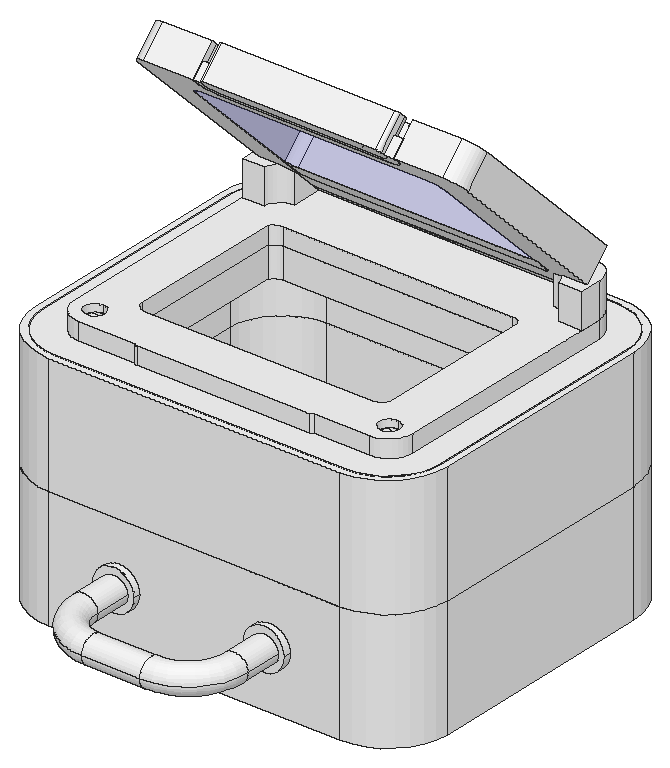
Revit family "Domotics-SerieCivili-GEWISS-27COMBI_SYSTEM-IP55_PALO", category Apparecchi elettrici, host Superficie, Revit 2016
Family settings
  Host = Superficie
  Mantenere orientamento annotazione = No
  Tipo di parte = Normale
  Quota connettore circolare = Usa diametro
  Numero OmniClass = 23.80.30.14.24
  Titolo OmniClass = Junction Boxes
  Taglio con vuoti quando caricato = Sì
  Condiviso = No
  Punto di calcolo locali = No
Parameters (values of type "GW27057 - 3 posti - Abbraccio palo")
  Viti coperchio = "Acciaio inox"
  Versione file RFA = "19.4"
  URL = "https://www.gewiss.com/it/it"
  Tipo sfondabili = "Asportabili con utensile"
  Tipo portella = "Con membrana"
  Termopressione con biglia = "70 °C"
  Temperatura di installazione = "-25 +60 °C"
  Scheda Tecnica = "https://www.gewiss.com/it/it/search?q=GW27057"
  SPORTELLO APERTO [instance] = yes
  SEO = "Contenitore"
  Resistenza agli urti = "IK07"
  Produttore = "GEWISS S.p.A."
  Per pali Ã˜ = "54-76MM"
  Offset = 0 mm
  Norma di riferimento: = "EN 60670-1"
  N. moduli SYSTEM = "3 posti"
  N. fori Ã˜ 20 sfondabili = "1"
  N. fori aperti = "1"
  Modello = "GW27057"
  IFC.TypeObject = ""
  IFC.ExportType = ""
  IFC.ExportAs = ""
  Default Elevation = 1219.2 mm
  Immagine tipo = GW27057.jpg
  IDT = "412df75b-c3fd-4420-9821-ba4985a7eb74"
  IDF = "541de9d5-e177-4b58-bf66-354c15e4b56f"
  Grado di protezione = "IP55"
  Glow Wire Test = "650°C"
  Fissaggio = "Abbraccio palo"
  Dim. esterne BxHxP (mm) = "122x164x85"
  Descrizione: = "3 posti"
  Descrizione = "CONT.3 POSTI STAGNO FISS.ABBRACCIO PALO"
  Creato da GEWISS S.p.A. = ""
  Coppia serraggio viti = "0,8NM"
  Colore portella = "Trasparente"
  Colore = "Grigio RAL 7035"
  Codice Electrocod = "0212"
  Codice EAN = "8011564055438"
  Classe isolamento = "II"
  Catalogo Serie = "27COMBI"
  Catalogo = "DOMOTICS"
  COBie.Tagnumber = ""
  COBie.CreatedOn = ""
  COBie.CreatebBy = ""
  COBie.ComponentRegisterItemID = ""
  COBie.Component.TagNumber = ""
  COBie.Component.Space = ""
  COBie.Component.SerialNumber = ""
  COBie.Component.InstallationDate = ""
  COBie.Component.Description = ""
  COBie.Component.BarCode = ""
Reference planes
  plane 1 "Centro (Fronte/Retro)": y = 0
  plane 2: z = 0
  plane 3 "Centro (Sinistra/Destra)": x = 0
  plane 4: z = 0
  plane 5: x = -60
  plane 6: x = 60
  plane 7: y = -51.5
  plane 8: y = 51.5
  plane 9: z = 66
Lines and regions (mm)
  Masking region 1
    outline origin (0, 0, 0) x (1, 0, 0) y (0, 0, 1)
      loop
        line (-60, 0) -> (60, 0) -> (60, 66) -> (-60, 66) -> (-60, 0)
  Masking region 2
    outline origin (0, 0, 0) x (0, 1, 0) y (0, 0, 1)
      loop
        line (-51.5, 0) -> (51.5, 0) -> (51.5, 66) -> (-51.5, 66) -> (-51.5, 0)
  Masking region 3
    outline origin (0, 0, 0) x (1, 0, 0) y (0, 1, 0)
      loop
        line (16.52, 52.5) -> (26.038, 52.5) -> (26.038, 64.422)
        arc (26.038, 64.422) -> (20.912, 76.796) -> (8.538, 81.922) r 17.5
        line (8.538, 81.922) -> (-8.462, 81.922)
        arc (-8.462, 81.922) -> (-20.837, 76.796) -> (-25.962, 64.422) r 17.5
        line (-25.962, 64.422) -> (-25.962, 52.5) -> (-16.444, 52.5) -> (-16.444, 65.422)
        arc (-16.444, 65.422) -> (-16.152, 66.129) -> (-15.444, 66.422) r 1
        line (-15.444, 66.422) -> (15.52, 66.422)
        arc (15.52, 66.422) -> (16.227, 66.129) -> (16.52, 65.422) r 1
        line (16.52, 65.422) -> (16.52, 52.5)
      loop
        line (16.52, -52.5) -> (16.52, -65.422)
        arc (16.52, -65.422) -> (16.227, -66.129) -> (15.52, -66.422) r 1
        line (15.52, -66.422) -> (-15.444, -66.422)
        arc (-15.444, -66.422) -> (-16.152, -66.129) -> (-16.444, -65.422) r 1
        line (-16.444, -65.422) -> (-16.444, -52.5) -> (-25.962, -52.5) -> (-25.962, -64.422)
        arc (-25.962, -64.422) -> (-20.837, -76.796) -> (-8.462, -81.922) r 17.5
        line (-8.462, -81.922) -> (8.538, -81.922)
        arc (8.538, -81.922) -> (20.912, -76.796) -> (26.038, -64.422) r 17.5
        line (26.038, -64.422) -> (26.038, -52.5) -> (16.52, -52.5)
      loop
        arc (60, 34) -> (54.874, 46.374) -> (42.5, 51.5) r 17.5
        line (42.5, 51.5) -> (-42.5, 51.5)
        arc (-42.5, 51.5) -> (-54.874, 46.374) -> (-60, 34) r 17.5
        line (-60, 34) -> (-60, -34)
        arc (-60, -34) -> (-54.874, -46.374) -> (-42.5, -51.5) r 17.5
        line (-42.5, -51.5) -> (42.5, -51.5)
        arc (42.5, -51.5) -> (54.874, -46.374) -> (60, -34) r 17.5
        line (60, -34) -> (60, 34)
      loop
        arc (56.306, 34.157) -> (52.271, 43.898) -> (42.529, 47.933) r 13.777
        line (42.529, 47.933) -> (-42.496, 47.933)
        arc (-42.496, 47.933) -> (-51.949, 44.221) -> (-56.35, 35.067) r 13.891
        line (-56.35, 35.067) -> (-56.35, -34)
        arc (-56.35, -34) -> (-52.293, -43.793) -> (-42.5, -47.85) r 13.85
        line (-42.5, -47.85) -> (42.5, -47.85)
        arc (42.5, -47.85) -> (52.675, -43.395) -> (56.306, -32.898) r 13.85
        line (56.306, -32.898) -> (56.306, 34.157)
      loop
        line (26.425, -40.831) -> (42.763, -40.831)
        arc (42.763, -40.831) -> (47.713, -38.781) -> (49.763, -33.831) r 7
        line (49.763, -33.831) -> (49.763, 34.169)
        arc (49.763, 34.169) -> (47.713, 39.118) -> (42.763, 41.169) r 7
        line (42.763, 41.169) -> (-42.237, 41.169)
        arc (-42.237, 41.169) -> (-47.186, 39.118) -> (-49.237, 34.169) r 7
        line (-49.237, 34.169) -> (-49.237, -33.831)
        arc (-49.237, -33.831) -> (-47.186, -38.781) -> (-42.237, -40.831) r 7
        line (-42.237, -40.831) -> (-25.898, -40.831)
        arc (-25.898, -40.831) -> (-25.533, -41.192) -> (-25.037, -41.324) r 1
        line (-25.037, -41.324) -> (25.563, -41.324)
        arc (25.563, -41.324) -> (26.06, -41.192) -> (26.425, -40.831) r 1
      loop
        circle (-17.337, -38.622) r 1
      loop
        circle (-8.537, -38.622) r 1
      loop
        circle (0.263, -38.622) r 1
      loop
        circle (9.063, -38.622) r 1
      loop
        circle (17.863, -38.622) r 1
      loop
        circle (43.263, -34.331) r 3
      loop
        circle (-42.737, -34.331) r 3
      loop
        circle (-42.737, 34.669) r 3
      loop
        circle (43.263, 34.669) r 3
      loop
        arc (-33.5, 30.169) -> (-35.621, 29.29) -> (-36.5, 27.169) r 3
        line (-36.5, 27.169) -> (-36.5, -24.831)
        arc (-36.5, -24.831) -> (-35.621, -26.953) -> (-33.5, -27.831) r 3
        line (-33.5, -27.831) -> (33.5, -27.831)
        arc (33.5, -27.831) -> (35.621, -26.953) -> (36.5, -24.831) r 3
        line (36.5, -24.831) -> (36.5, 27.169)
        arc (36.5, 27.169) -> (35.621, 29.29) -> (33.5, 30.169) r 3
        line (33.5, 30.169) -> (-33.5, 30.169)
      loop
        line (34.65, 19.669) -> (-34.65, 19.669) -> (-34.65, -25.331) -> (34.65, -25.331) -> (34.65, 19.669)
  Masking region 4
    outline origin (0, 0, 0) x (1, 0, 0) y (0, 1, 0)
      loop
        line (42.529, 47.933) -> (-42.496, 47.933)
        arc (-42.496, 47.933) -> (-51.949, 44.221) -> (-56.35, 35.067) r 13.891
        line (-56.35, 35.067) -> (-56.35, -34)
        arc (-56.35, -34) -> (-52.293, -43.793) -> (-42.5, -47.85) r 13.85
        line (-42.5, -47.85) -> (42.5, -47.85)
        arc (42.5, -47.85) -> (52.675, -43.395) -> (56.306, -32.898) r 13.85
        line (56.306, -32.898) -> (56.306, 34.157)
        arc (56.306, 34.157) -> (52.271, 43.898) -> (42.529, 47.933) r 13.777
      loop
        line (42.763, 41.169) -> (-42.237, 41.169)
        arc (-42.237, 41.169) -> (-47.186, 39.118) -> (-49.237, 34.169) r 7
        line (-49.237, 34.169) -> (-49.237, -33.831)
        arc (-49.237, -33.831) -> (-47.186, -38.781) -> (-42.237, -40.831) r 7
        line (-42.237, -40.831) -> (-25.898, -40.831)
        arc (-25.898, -40.831) -> (-25.533, -41.192) -> (-25.037, -41.324) r 1
        line (-25.037, -41.324) -> (25.563, -41.324)
        arc (25.563, -41.324) -> (26.06, -41.192) -> (26.425, -40.831) r 1
        line (26.425, -40.831) -> (42.763, -40.831)
        arc (42.763, -40.831) -> (47.713, -38.781) -> (49.763, -33.831) r 7
        line (49.763, -33.831) -> (49.763, 34.169)
        arc (49.763, 34.169) -> (47.713, 39.118) -> (42.763, 41.169) r 7
  Masking region 5
    outline origin (0, 0, 0) x (1, 0, 0) y (0, 1, 0)
      loop
        line (-16, -51.5) -> (-28, -51.5) -> (-28, -52.5) -> (-16, -52.5) -> (-16, -51.5)
      loop
        line (16, -51.5) -> (16, -52.5) -> (28, -52.5) -> (28, -51.5) -> (16, -51.5)
      loop
        line (-16, 51.5) -> (-16, 52.5) -> (-28, 52.5) -> (-28, 51.5) -> (-16, 51.5)
      loop
        line (16, 51.5) -> (28, 51.5) -> (28, 52.5) -> (16, 52.5) -> (16, 51.5)
      loop
        line (-37.737, 41.169) -> (-42.237, 41.169)
        arc (-42.237, 41.169) -> (-47.186, 39.118) -> (-49.237, 34.169) r 7
        line (-49.237, 34.169) -> (-49.237, 27.637)
        arc (-49.237, 27.637) -> (-46.111, 27.71) -> (-42.986, 27.836) r 185.778
        arc (-42.986, 27.836) -> (-41.206, 31.123) -> (-37.737, 32.513) r 5.5
        line (-37.737, 32.513) -> (-37.737, 41.169)
      loop
        line (49.763, 27.16) -> (49.763, 34.169)
        arc (49.763, 34.169) -> (47.713, 39.118) -> (42.763, 41.169) r 7
        line (42.763, 41.169) -> (38.063, 41.169) -> (38.063, 32.217)
        arc (38.063, 32.217) -> (41.631, 30.811) -> (43.264, 27.342) r 5.2
        arc (43.264, 27.342) -> (46.513, 27.221) -> (49.763, 27.16) r 177.869
      loop
        circle (-42.737, 34.669) r 3
      loop
        circle (43.263, 34.669) r 3
      loop
        arc (-33.5, 30.169) -> (-35.621, 29.29) -> (-36.5, 27.169) r 3
        line (-36.5, 27.169) -> (-36.5, 20.971)
        arc (-36.5, 20.971) -> (-35.223, 22.215) -> (-33.5, 22.669) r 3.5
        line (-33.5, 22.669) -> (33.5, 22.669)
        arc (33.5, 22.669) -> (35.223, 22.215) -> (36.5, 20.971) r 3.5
        line (36.5, 20.971) -> (36.5, 27.169)
        arc (36.5, 27.169) -> (35.621, 29.29) -> (33.5, 30.169) r 3
        line (33.5, 30.169) -> (-33.5, 30.169)
  Masking region 6
    outline origin (0, 0, 0) x (1, 0, 0) y (0, 1, 0)
      loop
        arc (-23.037, -35.165) -> (-25.158, -36.044) -> (-26.037, -38.165) r 3
        line (-26.037, -38.165) -> (-26.037, -40.324)
        arc (-26.037, -40.324) -> (-25.744, -41.031) -> (-25.037, -41.324) r 1
        line (-25.037, -41.324) -> (25.563, -41.324)
        arc (25.563, -41.324) -> (26.271, -41.031) -> (26.563, -40.324) r 1
        line (26.563, -40.324) -> (26.563, -38.165)
        arc (26.563, -38.165) -> (25.685, -36.044) -> (23.563, -35.165) r 3
        line (23.563, -35.165) -> (-23.037, -35.165)
      loop
        circle (-17.337, -38.622) r 1
      loop
        circle (-8.537, -38.622) r 1
      loop
        circle (0.263, -38.622) r 1
      loop
        circle (9.063, -38.622) r 1
      loop
        circle (17.863, -38.622) r 1
      loop
        arc (-47.7, 27.667) -> (-48.468, 27.65) -> (-49.237, 27.637) r 185.778
        line (-49.237, 27.637) -> (-49.237, -33.831)
        arc (-49.237, -33.831) -> (-47.186, -38.781) -> (-42.237, -40.831) r 7
        line (-42.237, -40.831) -> (-29.037, -40.831) -> (-29.037, -39.2) -> (-38.5, -39.2)
        arc (-38.5, -39.2) -> (-39.207, -38.907) -> (-39.5, -38.2) r 1
        line (-39.5, -38.2) -> (-39.5, -34.5)
        arc (-39.5, -34.5) -> (-40.525, -32.025) -> (-43, -31) r 3.5
        line (-43, -31) -> (-46.7, -31)
        arc (-46.7, -31) -> (-47.407, -30.707) -> (-47.7, -30) r 1
        line (-47.7, -30) -> (-47.7, 27.667)
      loop
        line (29.563, -40.831) -> (42.763, -40.831)
        arc (42.763, -40.831) -> (47.713, -38.781) -> (49.763, -33.831) r 7
        line (49.763, -33.831) -> (49.763, 27.16)
        arc (49.763, 27.16) -> (48.732, 27.173) -> (47.7, 27.192) r 177.869
        line (47.7, 27.192) -> (47.7, -30)
        arc (47.7, -30) -> (47.407, -30.707) -> (46.7, -31) r 1
        line (46.7, -31) -> (43, -31)
        arc (43, -31) -> (40.525, -32.025) -> (39.5, -34.5) r 3.5
        line (39.5, -34.5) -> (39.5, -38.2)
        arc (39.5, -38.2) -> (39.207, -38.907) -> (38.5, -39.2) r 1
        line (38.5, -39.2) -> (29.563, -39.2) -> (29.563, -40.831)
      loop
        circle (-42.737, -34.331) r 3
      loop
        circle (43.263, -34.331) r 3
      loop
        line (38.063, 38.269) -> (38.063, 41.169) -> (-37.737, 41.169) -> (-37.737, 38.268)
        arc (-37.737, 38.268) -> (0.163, 39.169) -> (38.063, 38.269) r 798.156
Dimensions and locks
  "Offset": plane 4 to host face
  locked: plane 9 to plane 4 at 66
  aligned and locked: plane 2 to host face
  aligned and locked: level to host face
  aligned and locked: plane 3 "Centro (Sinistra/Destra)" to nested 1
  aligned and locked: plane 1 "Centro (Fronte/Retro)" to nested 1
  aligned and locked: nested 1 to plane 4
  aligned and locked: Masking region 1 sketch curve to level
  aligned and locked: Masking region 1 sketch curve to nested 1
  aligned and locked: plane 6 to Masking region 1 sketch curve
  aligned and locked: plane 9 to Masking region 1 sketch curve
  aligned and locked: Masking region 2 sketch curve to level
  aligned and locked: Masking region 2 sketch curve to nested 1
  aligned and locked: plane 9 to Masking region 2 sketch curve
  aligned and locked: plane 8 to Masking region 2 sketch curve
Automatic sketch dimensions
  host sketch curve to host sketch curve = 2438.4 mm  (x2)
  Masking region 3 sketch curve to plane 7 = 1 mm  (x2)
  plane 8 to Masking region 3 sketch curve = 1 mm  (x2)
  Masking region 3 sketch curve to plane 3 "Centro (Sinistra/Destra)" = 25.962 mm
  Masking region 3 sketch curve to Masking region 3 sketch curve = 9.518 mm  (x4)
  Masking region 3 sketch curve to Masking region 3 sketch curve = 1 mm  (x8)
  Masking region 3 sketch curve to Masking region 3 sketch curve = 6.982 mm  (x4)
  plane 3 "Centro (Sinistra/Destra)" to Masking region 3 sketch curve = 8.538 mm  (x2)
  Masking region 3 sketch curve to plane 7 = 12.922 mm
  plane 8 to Masking region 3 sketch curve = 12.922 mm
  Masking region 3 sketch curve to plane 5 = 0 mm
  Masking region 3 sketch curve to plane 8 = 0 mm
  Masking region 3 sketch curve to plane 7 = 0 mm
  Masking region 3 sketch curve to plane 6 = 0 mm
  Masking region 3 sketch curve to Masking region 3 sketch curve = 16.538 mm
  Masking region 3 sketch curve to Masking region 3 sketch curve = 16.462 mm  (x2)
  Masking region 3 sketch curve to Masking region 3 sketch curve = 0 mm  (x6)
  Masking region 3 sketch curve to Masking region 3 sketch curve = 3.65 mm
  Masking region 3 sketch curve to Masking region 3 sketch curve = 0.004 mm
  Masking region 3 sketch curve to Masking region 3 sketch curve = 0.029 mm
  Masking region 3 sketch curve to plane 6 = 3.694 mm
  Masking region 3 sketch curve to Masking region 3 sketch curve = 0.042 mm
  Masking region 3 sketch curve to Masking region 3 sketch curve = 0.157 mm
  Masking region 3 sketch curve to Masking region 3 sketch curve = 6.737 mm  (x2)
  Masking region 3 sketch curve to Masking region 3 sketch curve = 0.263 mm  (x2)
  Masking region 3 sketch curve to Masking region 3 sketch curve = 0.259 mm
  Masking region 3 sketch curve to Masking region 3 sketch curve = 0.235 mm
  Masking region 3 sketch curve to Masking region 3 sketch curve = 6.542 mm
  Masking region 3 sketch curve to Masking region 3 sketch curve = 6.831 mm  (x3)
  Masking region 3 sketch curve to Masking region 3 sketch curve = 0.012 mm
  Masking region 3 sketch curve to Masking region 3 sketch curve = 0.064 mm
  Masking region 3 sketch curve to Masking region 3 sketch curve = 0.387 mm
  Masking region 3 sketch curve to Masking region 3 sketch curve = 0.862 mm  (x2)
  Masking region 3 sketch curve to Masking region 3 sketch curve = 0.241 mm
  Masking region 3 sketch curve to Masking region 3 sketch curve = 0.237 mm
  Masking region 3 sketch curve to Masking region 3 sketch curve = 5.737 mm
  Masking region 3 sketch curve to Masking region 3 sketch curve = 3 mm  (x3)
  Masking region 3 sketch curve to Masking region 3 sketch curve = 7.7 mm  (x2)
  Masking region 3 sketch curve to plane 3 "Centro (Sinistra/Destra)" = 8.537 mm
  plane 3 "Centro (Sinistra/Destra)" to Masking region 3 sketch curve = 0.263 mm
  Masking region 3 sketch curve to Masking region 3 sketch curve = 8.8 mm
  Masking region 3 sketch curve to Masking region 3 sketch curve = 9 mm  (x2)
  Masking region 3 sketch curve to Masking region 3 sketch curve = 0.5 mm  (x5)
  plane 7 to Masking region 3 sketch curve = 12.878 mm
  Masking region 3 sketch curve to Masking region 3 sketch curve = 1.701 mm  (x2)
  Masking region 3 sketch curve to Masking region 3 sketch curve = 0.331 mm
  Masking region 3 sketch curve to Masking region 3 sketch curve = 6.169 mm
  Masking region 3 sketch curve to Masking region 3 sketch curve = 0.627 mm
  Masking region 3 sketch curve to Masking region 3 sketch curve = 1.15 mm  (x2)
  Masking region 3 sketch curve to Masking region 3 sketch curve = 7.5 mm
  plane 5 to Masking region 4 sketch curve = 3.65 mm
  Masking region 4 sketch curve to Masking region 4 sketch curve = 13.85 mm  (x2)
  Masking region 4 sketch curve to Masking region 4 sketch curve = 13.854 mm
  plane 7 to Masking region 4 sketch curve = 3.65 mm
  Masking region 4 sketch curve to plane 6 = 17.5 mm
  Masking region 4 sketch curve to plane 8 = 3.567 mm
  Masking region 4 sketch curve to plane 6 = 17.471 mm
  Masking region 4 sketch curve to plane 6 = 3.694 mm
  Masking region 4 sketch curve to Masking region 4 sketch curve = 13.891 mm
  Masking region 4 sketch curve to Masking region 4 sketch curve = 6.737 mm
  Masking region 4 sketch curve to Masking region 4 sketch curve = 0.263 mm  (x2)
  Masking region 4 sketch curve to Masking region 4 sketch curve = 0.259 mm
  plane 7 to Masking region 4 sketch curve = 10.669 mm
  Masking region 4 sketch curve to Masking region 4 sketch curve = 16.338 mm
  Masking region 4 sketch curve to Masking region 4 sketch curve = 0.862 mm  (x2)
  Masking region 4 sketch curve to Masking region 4 sketch curve = 16.937 mm
  Masking region 4 sketch curve to Masking region 4 sketch curve = 0.235 mm
  Masking region 4 sketch curve to Masking region 4 sketch curve = 6.542 mm
  plane 7 to Masking region 4 sketch curve = 10.176 mm
  Masking region 4 sketch curve to Masking region 4 sketch curve = 6.831 mm
  Masking region 4 sketch curve to Masking region 4 sketch curve = 0.127 mm
  Masking region 5 sketch curve to plane 8 = 0 mm  (x2)
  Masking region 5 sketch curve to plane 7 = 0 mm  (x2)
  plane 8 to Masking region 5 sketch curve = 1 mm  (x2)
  Masking region 5 sketch curve to plane 3 "Centro (Sinistra/Destra)" = 28 mm  (x2)
  Masking region 5 sketch curve to plane 7 = 1 mm  (x2)
  Masking region 5 sketch curve to Masking region 5 sketch curve = 12 mm  (x4)
  plane 3 "Centro (Sinistra/Destra)" to Masking region 5 sketch curve = 16 mm  (x2)
  plane 5 to Masking region 5 sketch curve = 22.452 mm
  Masking region 5 sketch curve to Masking region 5 sketch curve = 0.189 mm
  plane 5 to Masking region 5 sketch curve = 7.985 mm
  Masking region 5 sketch curve to Masking region 5 sketch curve = 5.497 mm
  Masking region 5 sketch curve to Masking region 5 sketch curve = 5.439 mm
  Masking region 5 sketch curve to Masking region 5 sketch curve = 6.25 mm
  Masking region 5 sketch curve to Masking region 5 sketch curve = 8.655 mm
  Masking region 5 sketch curve to Masking region 5 sketch curve = 4.5 mm
  Masking region 5 sketch curve to Masking region 5 sketch curve = 7 mm
  Masking region 5 sketch curve to plane 6 = 17.237 mm
  Masking region 5 sketch curve to plane 8 = 17.331 mm
  Masking region 5 sketch curve to Masking region 5 sketch curve = 6.531 mm
  Masking region 5 sketch curve to Masking region 5 sketch curve = 4.7 mm
  Masking region 5 sketch curve to Masking region 5 sketch curve = 0.011 mm
  Masking region 5 sketch curve to plane 6 = 8.494 mm
  Masking region 5 sketch curve to Masking region 5 sketch curve = 7.152 mm
  Masking region 5 sketch curve to Masking region 5 sketch curve = 1.952 mm
  Masking region 5 sketch curve to Masking region 5 sketch curve = 8.374 mm
  Masking region 5 sketch curve to Masking region 5 sketch curve = 5.19 mm
  Masking region 5 sketch curve to Masking region 5 sketch curve = 0.182 mm
  Masking region 5 sketch curve to Masking region 5 sketch curve = 0.5 mm  (x4)
  Masking region 5 sketch curve to Masking region 5 sketch curve = 3 mm  (x4)
  Masking region 5 sketch curve to Masking region 5 sketch curve = 1.048 mm
  Masking region 5 sketch curve to Masking region 5 sketch curve = 4.575 mm
  Masking region 5 sketch curve to Masking region 5 sketch curve = 0.152 mm
  Masking region 5 sketch curve to Masking region 5 sketch curve = 8 mm  (x2)
  Masking region 5 sketch curve to Masking region 5 sketch curve = 3.5 mm
  Masking region 5 sketch curve to Masking region 5 sketch curve = 0 mm
  Masking region 6 sketch curve to Masking region 6 sketch curve = 1 mm  (x7)
  Masking region 6 sketch curve to Masking region 6 sketch curve = 3 mm  (x3)
  plane 3 "Centro (Sinistra/Destra)" to Masking region 6 sketch curve = 23.563 mm
  Masking region 6 sketch curve to Masking region 6 sketch curve = 2 mm
  plane 7 to Masking region 6 sketch curve = 10.176 mm
  Masking region 6 sketch curve to Masking region 6 sketch curve = 2.158 mm
  Masking region 6 sketch curve to Masking region 6 sketch curve = 5.7 mm  (x2)
  Masking region 6 sketch curve to Masking region 6 sketch curve = 0.457 mm  (x2)
  Masking region 6 sketch curve to Masking region 6 sketch curve = 12.463 mm
  Masking region 6 sketch curve to Masking region 6 sketch curve = 3.5 mm
  Masking region 6 sketch curve to Masking region 6 sketch curve = 3.7 mm  (x3)
  Masking region 6 sketch curve to Masking region 6 sketch curve = 7.8 mm
  plane 3 "Centro (Sinistra/Destra)" to Masking region 6 sketch curve = 0.263 mm
  Masking region 6 sketch curve to Masking region 6 sketch curve = 8.8 mm
  plane 7 to Masking region 6 sketch curve = 12.3 mm
  Masking region 6 sketch curve to Masking region 6 sketch curve = 0 mm  (x3)
  Masking region 6 sketch curve to plane 8 = 23.833 mm
  Masking region 6 sketch curve to Masking region 6 sketch curve = 1.537 mm
  Masking region 6 sketch curve to Masking region 6 sketch curve = 2.737 mm  (x2)
  Masking region 6 sketch curve to Masking region 6 sketch curve = 16.2 mm
  Masking region 6 sketch curve to Masking region 6 sketch curve = 7 mm
  plane 7 to Masking region 6 sketch curve = 10.669 mm
  Masking region 6 sketch curve to Masking region 6 sketch curve = 2.631 mm
  Masking region 6 sketch curve to Masking region 6 sketch curve = 0.263 mm  (x2)
  Masking region 6 sketch curve to Masking region 6 sketch curve = 0.169 mm  (x2)
  Masking region 6 sketch curve to Masking region 6 sketch curve = 4.263 mm
  Masking region 6 sketch curve to Masking region 6 sketch curve = 0.237 mm
  Masking region 6 sketch curve to Masking region 6 sketch curve = 1.631 mm
  Masking region 6 sketch curve to Masking region 6 sketch curve = 0.669 mm
  Masking region 6 sketch curve to Masking region 6 sketch curve = 0.032 mm
  plane 5 to Masking region 6 sketch curve = 7.985 mm
  Masking region 6 sketch curve to plane 6 = 8.494 mm
  Masking region 6 sketch curve to Masking region 6 sketch curve = 8.374 mm
  Masking region 6 sketch curve to Masking region 6 sketch curve = 0.029 mm
  Masking region 6 sketch curve to plane 8 = 24.34 mm
  plane 3 "Centro (Sinistra/Destra)" to Masking region 6 sketch curve = 0.17 mm
  Masking region 6 sketch curve to Masking region 6 sketch curve = 9.637 mm
  Masking region 6 sketch curve to Masking region 6 sketch curve = 10.601 mm
  Masking region 6 sketch curve to Masking region 6 sketch curve = 2.901 mm
  Masking region 6 sketch curve to Masking region 6 sketch curve = 2.9 mm
  Masking region 6 sketch curve to plane 7 = 707.488 mm
  radius of Masking region 3 sketch curve = 1 mm  (x5)
  radius of Masking region 3 sketch curve = 3 mm  (x4)
  radius of Masking region 5 sketch curve = 3 mm
  radius of Masking region 6 sketch curve = 1 mm  (x4)
  radius of Masking region 6 sketch curve = 3 mm
Nested families
  nested 1: "SYSTEM CONTENITORI IP55 3P PALO_BASE" at (0, 0, 0), Sportello aperto <- "SPORTELLO APERTO", type "SYSTEM CONTENITORI IP55 3P PALO_BASE"
    with Sportello chiuso no, Sportello aperto yes
Definition of nested family "SYSTEM CONTENITORI IP55 3P PALO_BASE"
  Parameters (values of type "SYSTEM CONTENITORI IP55 3P PALO_BASE")
    VETRO = none
    Sportello chiuso [instance] = not(Sportello aperto)  # no
    Sportello aperto [instance] = yes
    SCATOLA = none
    Profondità scatola = 85 mm
    Larghezza scatola = 120 mm
    Altezza scatola = 103 mm
    ACCIAIO = none
  Reference planes
    plane 1 "Centro (Fronte/Retro)": y = 0
    plane 2: z = 0
    plane 3 "Centro (Sinistra/Destra)": x = 0
    plane 4: x = -60
    plane 5: x = 60
    plane 6: y = 51.5
    plane 7: y = -51.5
    plane 8: z = 35
    plane 9: z = 75
    plane 10 "1": y = 34.669
    plane 11 "PIANO BIDIMENSIONALE": z = 70
    plane 12: z = 73
    plane 13: x = 28
    plane 14: x = 16
    plane 15 "2": z = 17.5
    plane 16: x = 22
  Forms (mm)
    Extrusion 1, solid, material <- "SCATOLA", detail levels medium+fine
      sketch origin (0, 0, 85) x (0, -1, 0) y (1, 0, 0)
        loop
          line (-51.5, 42.5) -> (-51.5, -42.5)
          arc (-51.5, -42.5) -> (-46.374, -54.874) -> (-34, -60) r 17.5
          line (-34, -60) -> (34, -60)
          arc (34, -60) -> (46.374, -54.874) -> (51.5, -42.5) r 17.5
          line (51.5, -42.5) -> (51.5, 42.5)
          arc (51.5, 42.5) -> (46.374, 54.874) -> (34, 60) r 17.5
          line (34, 60) -> (-34, 60)
          arc (-34, 60) -> (-46.374, 54.874) -> (-51.5, 42.5) r 17.5
        loop
          line (-49.5, 42.5) -> (-49.5, -42.5)
          arc (-49.5, -42.5) -> (-44.96, -53.46) -> (-34, -58) r 15.5
          line (-34, -58) -> (34, -58)
          arc (34, -58) -> (44.96, -53.46) -> (49.5, -42.5) r 15.5
          line (49.5, -42.5) -> (49.5, 42.5)
          arc (49.5, 42.5) -> (44.96, 53.46) -> (34, 58) r 15.5
          line (34, 58) -> (-34, 58)
          arc (-34, 58) -> (-44.96, 53.46) -> (-49.5, 42.5) r 15.5
      from -85 to -50
    Extrusion 2, solid, material <- "SCATOLA", detail levels medium+fine
      sketch origin (0, 0, 85) x (0, -1, 0) y (1, 0, 0)
        loop
          arc (-49.5, -42.5) -> (-44.96, -53.46) -> (-34, -58) r 15.5
          line (-34, -58) -> (34, -58)
          arc (34, -58) -> (44.96, -53.46) -> (49.5, -42.5) r 15.5
          line (49.5, -42.5) -> (49.5, 42.5)
          arc (49.5, 42.5) -> (44.96, 53.46) -> (34, 58) r 15.5
          line (34, 58) -> (-34, 58)
          arc (-34, 58) -> (-44.96, 53.46) -> (-49.5, 42.5) r 15.5
          line (-49.5, 42.5) -> (-49.5, -42.5)
      from -85 to -83
    Extrusion 3, solid, material <- "SCATOLA", detail levels medium+fine
      sketch origin (0, 0, 85) x (0, -1, 0) y (1, 0, 0)
        loop
          line (-51.5, 42.5) -> (-51.5, -42.5)
          arc (-51.5, -42.5) -> (-46.374, -54.874) -> (-34, -60) r 17.5
          line (-34, -60) -> (34, -60)
          arc (34, -60) -> (46.374, -54.874) -> (51.5, -42.5) r 17.5
          line (51.5, -42.5) -> (51.5, 42.5)
          arc (51.5, 42.5) -> (46.374, 54.874) -> (34, 60) r 17.5
          line (34, 60) -> (-34, 60)
          arc (-34, 60) -> (-46.374, 54.874) -> (-51.5, 42.5) r 17.5
        loop
          line (-49.5, 42.5) -> (-49.5, -42.5)
          arc (-49.5, -42.5) -> (-44.96, -53.46) -> (-34, -58) r 15.5
          line (-34, -58) -> (34, -58)
          arc (34, -58) -> (44.96, -53.46) -> (49.5, -42.5) r 15.5
          line (49.5, -42.5) -> (49.5, 42.5)
          arc (49.5, 42.5) -> (44.96, 53.46) -> (34, 58) r 15.5
          line (34, 58) -> (-34, 58)
          arc (-34, 58) -> (-44.96, 53.46) -> (-49.5, 42.5) r 15.5
      from -50 to -15
    Extrusion 4, solid, material <- "SCATOLA", detail levels medium+fine
      sketch origin (0, 0, 85) x (0, -1, 0) y (1, 0, 0)
        loop
          line (40.831, -42.237) -> (40.831, -25.898)
          arc (40.831, -25.898) -> (41.192, -25.533) -> (41.324, -25.037) r 1
          line (41.324, -25.037) -> (41.324, 25.563)
          arc (41.324, 25.563) -> (41.192, 26.06) -> (40.831, 26.425) r 1
          line (40.831, 26.425) -> (40.831, 42.763)
          arc (40.831, 42.763) -> (38.781, 47.713) -> (33.831, 49.763) r 7
          line (33.831, 49.763) -> (-34.169, 49.763)
          arc (-34.169, 49.763) -> (-39.118, 47.713) -> (-41.169, 42.763) r 7
          line (-41.169, 42.763) -> (-41.169, -42.237)
          arc (-41.169, -42.237) -> (-39.118, -47.186) -> (-34.169, -49.237) r 7
          line (-34.169, -49.237) -> (33.831, -49.237)
          arc (33.831, -49.237) -> (38.781, -47.186) -> (40.831, -42.237) r 7
        loop
          circle (-34.669, -42.737) r 3
        loop
          circle (-34.669, 42.737) r 3
        loop
          circle (34.331, -42.737) r 3
        loop
          circle (34.331, 43.263) r 3
        loop
          arc (-22.669, -33.5) -> (-22.215, -35.223) -> (-20.971, -36.5) r 3.5
          line (-20.971, -36.5) -> (24.831, -36.5)
          arc (24.831, -36.5) -> (26.953, -35.621) -> (27.831, -33.5) r 3
          line (27.831, -33.5) -> (27.831, 33.5)
          arc (27.831, 33.5) -> (26.953, 35.621) -> (24.831, 36.5) r 3
          line (24.831, 36.5) -> (-20.971, 36.5)
          arc (-20.971, 36.5) -> (-22.215, 35.223) -> (-22.669, 33.5) r 3.5
          line (-22.669, 33.5) -> (-22.669, -33.5)
      from -15 to -10
    Extrusion 5, solid, material <- "SCATOLA", visible <- "Sportello chiuso", detail levels medium+fine
      sketch origin (0, 0, 85) x (0, -1, 0) y (1, 0, 0)
        loop
          arc (34.465, -47.7) -> (37.514, -46.322) -> (39.2, -43.432) r 5.5
          line (39.2, -43.432) -> (39.2, -29.037) -> (37.188, -29.037)
          arc (37.188, -29.037) -> (34.006, -27.719) -> (32.688, -24.537) r 4.5
          line (32.688, -24.537) -> (32.688, 25.063)
          arc (32.688, 25.063) -> (34.006, 28.245) -> (37.188, 29.563) r 4.5
          line (37.188, 29.563) -> (39.2, 29.563) -> (39.2, 43.958)
          arc (39.2, 43.958) -> (37.272, 47.054) -> (33.831, 48.263) r 5.5
          line (33.831, 48.263) -> (-27.654, 48.263)
          arc (-27.654, 48.263) -> (-27.726, 45.624) -> (-27.836, 42.986) r 185.778
          arc (-27.836, 42.986) -> (-31.123, 41.206) -> (-32.513, 37.737) r 5.5
          line (-32.513, 37.737) -> (-38.284, 37.737)
          arc (-38.284, 37.737) -> (-39.169, 0) -> (-38.268, -37.737) r 798.156
          line (-38.268, -37.737) -> (-32.513, -37.737)
          arc (-32.513, -37.737) -> (-31.123, -41.206) -> (-27.836, -42.986) r 5.5
          arc (-27.836, -42.986) -> (-27.736, -45.343) -> (-27.667, -47.7) r 185.778
          line (-27.667, -47.7) -> (34.465, -47.7)
        loop
          arc (24.831, -36.5) -> (26.953, -35.621) -> (27.831, -33.5) r 3
          line (27.831, -33.5) -> (27.831, 33.5)
          arc (27.831, 33.5) -> (26.953, 35.621) -> (24.831, 36.5) r 3
          line (24.831, 36.5) -> (-27.169, 36.5)
          arc (-27.169, 36.5) -> (-29.29, 35.621) -> (-30.169, 33.5) r 3
          line (-30.169, 33.5) -> (-30.169, -33.5)
          arc (-30.169, -33.5) -> (-29.29, -35.621) -> (-27.169, -36.5) r 3
          line (-27.169, -36.5) -> (24.831, -36.5)
      from -10 to 0
    Extrusion 6, solid, material <- "SCATOLA", visible <- "Sportello chiuso", detail levels medium+fine
      sketch origin (0, 0, 85) x (0, -1, 0) y (1, 0, 0)
        loop
          line (-22.669, -33.5) -> (-22.669, 33.5)
          arc (-22.669, 33.5) -> (-22.215, 35.223) -> (-20.971, 36.5) r 3.5
          line (-20.971, 36.5) -> (-27.169, 36.5)
          arc (-27.169, 36.5) -> (-29.29, 35.621) -> (-30.169, 33.5) r 3
          line (-30.169, 33.5) -> (-30.169, -33.5)
          arc (-30.169, -33.5) -> (-29.29, -35.621) -> (-27.169, -36.5) r 3
          line (-27.169, -36.5) -> (-20.971, -36.5)
          arc (-20.971, -36.5) -> (-22.215, -35.223) -> (-22.669, -33.5) r 3.5
      from -10 to -0.5
    Extrusion 7, solid, material <- "VETRO", visible <- "Sportello chiuso", detail levels medium+fine
      sketch origin (0, 0, 85) x (0, -1, 0) y (1, 0, 0)
        loop
          arc (-22.669, -33.5) -> (-22.215, -35.223) -> (-20.971, -36.5) r 3.5
          line (-20.971, -36.5) -> (24.831, -36.5)
          arc (24.831, -36.5) -> (26.953, -35.621) -> (27.831, -33.5) r 3
          line (27.831, -33.5) -> (27.831, 33.5)
          arc (27.831, 33.5) -> (26.953, 35.621) -> (24.831, 36.5) r 3
          line (24.831, 36.5) -> (-20.971, 36.5)
          arc (-20.971, 36.5) -> (-22.215, 35.223) -> (-22.669, 33.5) r 3.5
          line (-22.669, 33.5) -> (-22.669, -33.5)
      from -10 to 0
    Revolve 8, solid, material <- "ACCIAIO", detail levels medium+fine
      sketch origin (0, 34.669, -1) x (1, 0, 0) y (0, 0, 1)
        loop
          line (-44.978, 84) -> (-42.737, 84) -> (-42.737, 85)
          arc (-42.737, 85) -> (-43.965, 84.742) -> (-44.978, 84) r 2.974
        axis (-42.737, 85) -> (-42.737, 84)
      angle from 0 to 360
    Extrusion 9, solid, material <- "SCATOLA", detail levels medium+fine
      sketch origin (0, 0, 85) x (0, -1, 0) y (1, 0, 0)
        loop
          circle (-34.669, -42.737) r 3
      from -15 to -2
    Revolve 10, solid, material <- "ACCIAIO", detail levels medium+fine
      sketch origin (0, 34.669, -1) x (-1, 0, 0) y (0, 0, 1)
        loop
          line (-44.978, 84) -> (-42.737, 84) -> (-42.737, 85)
          arc (-42.737, 85) -> (-43.965, 84.742) -> (-44.978, 84) r 2.974
        axis (-42.737, 85) -> (-42.737, 84)
      angle from 0 to 360
    Extrusion 11, solid, material <- "SCATOLA", detail levels medium+fine
      sketch origin (0, 0, 85) x (0, -1, 0) y (1, 0, 0)
        loop
          circle (-34.669, 42.737) r 3
      from -15 to -2
    Extrusion 12, solid, material <- "SCATOLA", detail levels medium+fine
      sketch origin (0, 0.337, 85) x (0, 1, 0) y (-1, 0, 0)
        loop
          circle (-34.669, 42.737) r 3
      from -15 to -12
    Extrusion 13, solid, material <- "SCATOLA", detail levels medium+fine
      sketch origin (0.937, 0.337, 85) x (0, 1, 0) y (-1, 0, 0)
        loop
          circle (-34.669, -42.327) r 3
      from -15 to -12
    Extrusion 14, solid, visible <- "Sportello chiuso", detail levels medium+fine
      sketch origin (0, 0, 85) x (0, -1, 0) y (1, 0, 0)
        loop
          arc (35.165, -23.037) -> (36.044, -25.158) -> (38.165, -26.037) r 3
          line (38.165, -26.037) -> (40.324, -26.037)
          arc (40.324, -26.037) -> (41.031, -25.744) -> (41.324, -25.037) r 1
          line (41.324, -25.037) -> (41.324, 25.563)
          arc (41.324, 25.563) -> (41.031, 26.271) -> (40.324, 26.563) r 1
          line (40.324, 26.563) -> (38.165, 26.563)
          arc (38.165, 26.563) -> (36.044, 25.685) -> (35.165, 23.563) r 3
          line (35.165, 23.563) -> (35.165, -23.037)
      from -10 to 0
    Extrusion 15, solid, detail levels medium+fine
      sketch origin (0, 0, 85) x (0, -1, 0) y (1, 0, 0)
        loop
          arc (-32.513, 37.737) -> (-31.123, 41.206) -> (-27.836, 42.986) r 5.5
          arc (-27.836, 42.986) -> (-27.702, 46.374) -> (-27.63, 49.763) r 185.778
          line (-27.63, 49.763) -> (-34.169, 49.763)
          arc (-34.169, 49.763) -> (-39.118, 47.713) -> (-41.169, 42.763) r 7
          line (-41.169, 42.763) -> (-41.169, 37.737) -> (-32.513, 37.737)
        loop
          arc (-41.169, -42.237) -> (-39.118, -47.186) -> (-34.169, -49.237) r 7
          line (-34.169, -49.237) -> (-27.637, -49.237)
          arc (-27.637, -49.237) -> (-27.71, -46.111) -> (-27.836, -42.986) r 185.778
          arc (-27.836, -42.986) -> (-31.123, -41.206) -> (-32.513, -37.737) r 5.5
          line (-32.513, -37.737) -> (-41.169, -37.737) -> (-41.169, -42.237)
        loop
          circle (-34.669, -42.737) r 3
        loop
          circle (-34.669, 42.737) r 3
      from -10 to 0
    SweptBlend 16, solid, material <- "SCATOLA", visible <- "Sportello chiuso", detail levels medium+fine
      path in 3D
        loop
          line (37.737, 41.169, 75) -> (0, 41.169, 75)
      profile origin (37.737, 41.169, 75) x (0, -1, 0) y (0, 0, 1)
        loop
          line (0, 0) -> (2.885, 0) -> (2.885, 10)
          arc (2.885, 10) -> (0.773, 7.886) -> (0, 5) r 5.776
          line (0, 5) -> (0, 0)
      end profile origin (0, 41.169, 75) x (0, -1, 0) y (0, 0, 1)
        loop
          line (0, 0) -> (2, 0) -> (2, 10)
          arc (2, 10) -> (0.519, 7.693) -> (0, 5) r 7.25
          line (0, 5) -> (0, 0)
    SweptBlend 17, solid, material <- "SCATOLA", visible <- "Sportello chiuso", detail levels medium+fine
      path in 3D
        loop
          line (-37.737, 41.169, 75) -> (0, 41.169, 75)
      profile origin (-37.737, 41.169, 75) x (0, 1, 0) y (0, 0, 1)
        loop
          line (0, 0) -> (0, 5)
          arc (0, 5) -> (-0.773, 7.886) -> (-2.885, 10) r 5.776
          line (-2.885, 10) -> (-2.885, 0) -> (0, 0)
      end profile origin (0, 41.169, 75) x (0, 1, 0) y (0, 0, 1)
        loop
          line (0, 0) -> (0, 5)
          arc (0, 5) -> (-0.519, 7.693) -> (-2, 10) r 7.25
          line (-2, 10) -> (-2, 0) -> (0, 0)
    Extrusion 18, solid, visible <- "Sportello chiuso", detail levels medium+fine
      sketch origin (0, 0, 85) x (0, -1, 0) y (1, 0, 0)
        loop
          line (39.2, -29.037) -> (39.2, 29.563) -> (37.188, 29.563)
          arc (37.188, 29.563) -> (34.006, 28.245) -> (32.688, 25.063) r 4.5
          line (32.688, 25.063) -> (32.688, -24.537)
          arc (32.688, -24.537) -> (34.006, -27.719) -> (37.188, -29.037) r 4.5
          line (37.188, -29.037) -> (39.2, -29.037)
      from -10 to -5
    Extrusion 19, solid, material <- "SCATOLA", visible <- "Sportello chiuso", not visible, detail levels medium+fine
      sketch origin (0, 0, 85) x (0, -1, 0) y (1, 0, 0)
        loop
          arc (34.465, -47.7) -> (37.514, -46.322) -> (39.2, -43.432) r 5.5
          line (39.2, -43.432) -> (39.2, -29.037) -> (37.188, -29.037)
          arc (37.188, -29.037) -> (34.006, -27.719) -> (32.688, -24.537) r 4.5
          line (32.688, -24.537) -> (32.688, 25.063)
          arc (32.688, 25.063) -> (34.006, 28.245) -> (37.188, 29.563) r 4.5
          line (37.188, 29.563) -> (39.2, 29.563) -> (39.2, 43.958)
          arc (39.2, 43.958) -> (37.272, 47.054) -> (33.831, 48.263) r 5.5
          line (33.831, 48.263) -> (-27.654, 48.263)
          arc (-27.654, 48.263) -> (-27.726, 45.624) -> (-27.836, 42.986) r 185.778
          arc (-27.836, 42.986) -> (-31.123, 41.206) -> (-32.513, 37.737) r 5.5
          line (-32.513, 37.737) -> (-38.284, 37.737)
          arc (-38.284, 37.737) -> (-39.169, 0) -> (-38.268, -37.737) r 798.156
          line (-38.268, -37.737) -> (-32.513, -37.737)
          arc (-32.513, -37.737) -> (-31.123, -41.206) -> (-27.836, -42.986) r 5.5
          arc (-27.836, -42.986) -> (-27.736, -45.343) -> (-27.667, -47.7) r 185.778
          line (-27.667, -47.7) -> (34.465, -47.7)
        loop
          arc (24.831, -36.5) -> (26.953, -35.621) -> (27.831, -33.5) r 3
          line (27.831, -33.5) -> (27.831, 33.5)
          arc (27.831, 33.5) -> (26.953, 35.621) -> (24.831, 36.5) r 3
          line (24.831, 36.5) -> (-27.169, 36.5)
          arc (-27.169, 36.5) -> (-29.29, 35.621) -> (-30.169, 33.5) r 3
          line (-30.169, 33.5) -> (-30.169, -33.5)
          arc (-30.169, -33.5) -> (-29.29, -35.621) -> (-27.169, -36.5) r 3
          line (-27.169, -36.5) -> (24.831, -36.5)
      from -10 to 0
    Extrusion 20, solid, material <- "SCATOLA", visible <- "Sportello chiuso", not visible, detail levels medium+fine
      sketch origin (0, 0, 85) x (0, -1, 0) y (1, 0, 0)
        loop
          line (-22.669, -33.5) -> (-22.669, 33.5)
          arc (-22.669, 33.5) -> (-22.215, 35.223) -> (-20.971, 36.5) r 3.5
          line (-20.971, 36.5) -> (-27.169, 36.5)
          arc (-27.169, 36.5) -> (-29.29, 35.621) -> (-30.169, 33.5) r 3
          line (-30.169, 33.5) -> (-30.169, -33.5)
          arc (-30.169, -33.5) -> (-29.29, -35.621) -> (-27.169, -36.5) r 3
          line (-27.169, -36.5) -> (-20.971, -36.5)
          arc (-20.971, -36.5) -> (-22.215, -35.223) -> (-22.669, -33.5) r 3.5
      from -10 to -0.5
    Extrusion 21, solid, material <- "VETRO", visible <- "Sportello chiuso", not visible, detail levels medium+fine
      sketch origin (0, 0, 85) x (0, -1, 0) y (1, 0, 0)
        loop
          arc (-22.669, -33.5) -> (-22.215, -35.223) -> (-20.971, -36.5) r 3.5
          line (-20.971, -36.5) -> (24.831, -36.5)
          arc (24.831, -36.5) -> (26.953, -35.621) -> (27.831, -33.5) r 3
          line (27.831, -33.5) -> (27.831, 33.5)
          arc (27.831, 33.5) -> (26.953, 35.621) -> (24.831, 36.5) r 3
          line (24.831, 36.5) -> (-20.971, 36.5)
          arc (-20.971, 36.5) -> (-22.215, 35.223) -> (-22.669, 33.5) r 3.5
          line (-22.669, 33.5) -> (-22.669, -33.5)
      from -10 to 0
    Extrusion 22, solid, visible <- "Sportello chiuso", not visible, detail levels medium+fine
      sketch origin (0, 0, 85) x (0, -1, 0) y (1, 0, 0)
        loop
          arc (35.165, -23.037) -> (36.044, -25.158) -> (38.165, -26.037) r 3
          line (38.165, -26.037) -> (40.324, -26.037)
          arc (40.324, -26.037) -> (41.031, -25.744) -> (41.324, -25.037) r 1
          line (41.324, -25.037) -> (41.324, 25.563)
          arc (41.324, 25.563) -> (41.031, 26.271) -> (40.324, 26.563) r 1
          line (40.324, 26.563) -> (38.165, 26.563)
          arc (38.165, 26.563) -> (36.044, 25.685) -> (35.165, 23.563) r 3
          line (35.165, 23.563) -> (35.165, -23.037)
      from -10 to 0
    SweptBlend 23, solid, material <- "SCATOLA", visible <- "Sportello chiuso", not visible, detail levels medium+fine
      path in 3D
        loop
          line (37.737, 41.169, 75) -> (0, 41.169, 75)
      profile origin (37.737, 41.169, 75) x (0, -1, 0) y (0, 0, 1)
        loop
          line (0, 0) -> (2.885, 0) -> (2.885, 10)
          arc (2.885, 10) -> (0.773, 7.886) -> (0, 5) r 5.776
          line (0, 5) -> (0, 0)
      end profile origin (0, 41.169, 75) x (0, -1, 0) y (0, 0, 1)
        loop
          line (0, 0) -> (2, 0) -> (2, 10)
          arc (2, 10) -> (0.519, 7.693) -> (0, 5) r 7.25
          line (0, 5) -> (0, 0)
    SweptBlend 24, solid, material <- "SCATOLA", visible <- "Sportello chiuso", not visible, detail levels medium+fine
      path in 3D
        loop
          line (-37.737, 41.169, 75) -> (0, 41.169, 75)
      profile origin (-37.737, 41.169, 75) x (0, 1, 0) y (0, 0, 1)
        loop
          line (0, 0) -> (0, 5)
          arc (0, 5) -> (-0.773, 7.886) -> (-2.885, 10) r 5.776
          line (-2.885, 10) -> (-2.885, 0) -> (0, 0)
      end profile origin (0, 41.169, 75) x (0, 1, 0) y (0, 0, 1)
        loop
          line (0, 0) -> (0, 5)
          arc (0, 5) -> (-0.519, 7.693) -> (-2, 10) r 7.25
          line (-2, 10) -> (-2, 0) -> (0, 0)
    Extrusion 25, solid, visible <- "Sportello chiuso", not visible, detail levels medium+fine
      sketch origin (0, 0, 85) x (0, -1, 0) y (1, 0, 0)
        loop
          line (39.2, -29.037) -> (39.2, 29.563) -> (37.188, 29.563)
          arc (37.188, 29.563) -> (34.006, 28.245) -> (32.688, 25.063) r 4.5
          line (32.688, 25.063) -> (32.688, -24.537)
          arc (32.688, -24.537) -> (34.006, -27.719) -> (37.188, -29.037) r 4.5
          line (37.188, -29.037) -> (39.2, -29.037)
      from -10 to -5
    Extrusion 26, solid, material <- "SCATOLA", visible <- "Sportello aperto", detail levels medium+fine
      sketch origin (0, 19.129, 111.182) x (0, -0.707107, 0.707107) y (1, 0, 0)
        loop
          arc (34.465, -47.7) -> (37.514, -46.322) -> (39.2, -43.432) r 5.5
          line (39.2, -43.432) -> (39.2, -29.037) -> (37.188, -29.037)
          arc (37.188, -29.037) -> (34.006, -27.719) -> (32.688, -24.537) r 4.5
          line (32.688, -24.537) -> (32.688, 25.063)
          arc (32.688, 25.063) -> (34.006, 28.245) -> (37.188, 29.563) r 4.5
          line (37.188, 29.563) -> (39.2, 29.563) -> (39.2, 43.958)
          arc (39.2, 43.958) -> (37.272, 47.054) -> (33.831, 48.263) r 5.5
          line (33.831, 48.263) -> (-27.654, 48.263)
          arc (-27.654, 48.263) -> (-27.726, 45.624) -> (-27.836, 42.986) r 185.778
          arc (-27.836, 42.986) -> (-31.123, 41.206) -> (-32.513, 37.737) r 5.5
          line (-32.513, 37.737) -> (-38.284, 37.737)
          arc (-38.284, 37.737) -> (-39.169, 0) -> (-38.268, -37.737) r 798.156
          line (-38.268, -37.737) -> (-32.513, -37.737)
          arc (-32.513, -37.737) -> (-31.123, -41.206) -> (-27.836, -42.986) r 5.5
          arc (-27.836, -42.986) -> (-27.736, -45.343) -> (-27.667, -47.7) r 185.778
          line (-27.667, -47.7) -> (34.465, -47.7)
        loop
          arc (24.831, -36.5) -> (26.953, -35.621) -> (27.831, -33.5) r 3
          line (27.831, -33.5) -> (27.831, 33.5)
          arc (27.831, 33.5) -> (26.953, 35.621) -> (24.831, 36.5) r 3
          line (24.831, 36.5) -> (-27.169, 36.5)
          arc (-27.169, 36.5) -> (-29.29, 35.621) -> (-30.169, 33.5) r 3
          line (-30.169, 33.5) -> (-30.169, -33.5)
          arc (-30.169, -33.5) -> (-29.29, -35.621) -> (-27.169, -36.5) r 3
          line (-27.169, -36.5) -> (24.831, -36.5)
      from -10 to 0
    Extrusion 27, solid, material <- "SCATOLA", visible <- "Sportello aperto", detail levels medium+fine
      sketch origin (0, 19.129, 111.182) x (0, -0.707107, 0.707107) y (1, 0, 0)
        loop
          line (-22.669, -33.5) -> (-22.669, 33.5)
          arc (-22.669, 33.5) -> (-22.215, 35.223) -> (-20.971, 36.5) r 3.5
          line (-20.971, 36.5) -> (-27.169, 36.5)
          arc (-27.169, 36.5) -> (-29.29, 35.621) -> (-30.169, 33.5) r 3
          line (-30.169, 33.5) -> (-30.169, -33.5)
          arc (-30.169, -33.5) -> (-29.29, -35.621) -> (-27.169, -36.5) r 3
          line (-27.169, -36.5) -> (-20.971, -36.5)
          arc (-20.971, -36.5) -> (-22.215, -35.223) -> (-22.669, -33.5) r 3.5
      from -10 to -0.5
    Extrusion 28, solid, material <- "VETRO", visible <- "Sportello aperto", detail levels medium+fine
      sketch origin (0, 19.129, 111.182) x (0, -0.707107, 0.707107) y (1, 0, 0)
        loop
          arc (-22.669, -33.5) -> (-22.215, -35.223) -> (-20.971, -36.5) r 3.5
          line (-20.971, -36.5) -> (24.831, -36.5)
          arc (24.831, -36.5) -> (26.953, -35.621) -> (27.831, -33.5) r 3
          line (27.831, -33.5) -> (27.831, 33.5)
          arc (27.831, 33.5) -> (26.953, 35.621) -> (24.831, 36.5) r 3
          line (24.831, 36.5) -> (-20.971, 36.5)
          arc (-20.971, 36.5) -> (-22.215, 35.223) -> (-22.669, 33.5) r 3.5
          line (-22.669, 33.5) -> (-22.669, -33.5)
      from -10 to 0
    Extrusion 29, solid, visible <- "Sportello aperto", detail levels medium+fine
      sketch origin (0, 19.129, 111.182) x (0, -0.707107, 0.707107) y (1, 0, 0)
        loop
          arc (35.165, -23.037) -> (36.044, -25.158) -> (38.165, -26.037) r 3
          line (38.165, -26.037) -> (40.324, -26.037)
          arc (40.324, -26.037) -> (41.031, -25.744) -> (41.324, -25.037) r 1
          line (41.324, -25.037) -> (41.324, 25.563)
          arc (41.324, 25.563) -> (41.031, 26.271) -> (40.324, 26.563) r 1
          line (40.324, 26.563) -> (38.165, 26.563)
          arc (38.165, 26.563) -> (36.044, 25.685) -> (35.165, 23.563) r 3
          line (35.165, 23.563) -> (35.165, -23.037)
      from -10 to 0
    SweptBlend 30, solid, material <- "SCATOLA", visible <- "Sportello aperto", detail levels medium+fine
      path in 3D
        loop
          line (37.737, 41.169, 75) -> (0, 41.169, 75)
      profile origin (37.737, 41.169, 75) x (0, -1, 0) y (0, 0, 1)
        loop
          line (0, 0) -> (2.04, 2.04) -> (-5.031, 9.111)
          arc (-5.031, 9.111) -> (-5.03, 6.123) -> (-3.536, 3.536) r 5.776
          line (-3.536, 3.536) -> (0, 0)
      end profile origin (0, 41.169, 75) x (0, -1, 0) y (0, 0, 1)
        loop
          line (0, 0) -> (1.414, 1.414) -> (-5.657, 8.485)
          arc (-5.657, 8.485) -> (-5.073, 5.806) -> (-3.536, 3.536) r 7.25
          line (-3.536, 3.536) -> (0, 0)
    SweptBlend 31, solid, material <- "SCATOLA", visible <- "Sportello aperto", detail levels medium+fine
      path in 3D
        loop
          line (-37.737, 41.169, 75) -> (0, 41.169, 75)
      profile origin (-37.737, 41.169, 75) x (0, 1, 0) y (0, 0, 1)
        loop
          line (0, 0) -> (3.536, 3.536)
          arc (3.536, 3.536) -> (5.03, 6.123) -> (5.031, 9.111) r 5.776
          line (5.031, 9.111) -> (-2.04, 2.04) -> (0, 0)
      end profile origin (0, 41.169, 75) x (0, 1, 0) y (0, 0, 1)
        loop
          line (0, 0) -> (3.536, 3.536)
          arc (3.536, 3.536) -> (5.073, 5.806) -> (5.657, 8.485) r 7.25
          line (5.657, 8.485) -> (-1.414, 1.414) -> (0, 0)
    Extrusion 32, solid, visible <- "Sportello aperto", detail levels medium+fine
      sketch origin (0, 19.129, 111.182) x (0, -0.707107, 0.707107) y (1, 0, 0)
        loop
          line (39.2, -29.037) -> (39.2, 29.563) -> (37.188, 29.563)
          arc (37.188, 29.563) -> (34.006, 28.245) -> (32.688, 25.063) r 4.5
          line (32.688, 25.063) -> (32.688, -24.537)
          arc (32.688, -24.537) -> (34.006, -27.719) -> (37.188, -29.037) r 4.5
          line (37.188, -29.037) -> (39.2, -29.037)
      from -10 to -5
    Extrusion 33, solid, material <- "SCATOLA", visible <- "Sportello aperto", not visible, detail levels medium+fine
      sketch origin (-138.493, -168.088, 83.481) x (0, -0.707107, 0.707107) y (1, 0, 0)
        loop
          arc (34.465, -47.7) -> (37.514, -46.322) -> (39.2, -43.432) r 5.5
          line (39.2, -43.432) -> (39.2, -29.037) -> (37.188, -29.037)
          arc (37.188, -29.037) -> (34.006, -27.719) -> (32.688, -24.537) r 4.5
          line (32.688, -24.537) -> (32.688, 25.063)
          arc (32.688, 25.063) -> (34.006, 28.245) -> (37.188, 29.563) r 4.5
          line (37.188, 29.563) -> (39.2, 29.563) -> (39.2, 43.958)
          arc (39.2, 43.958) -> (37.272, 47.054) -> (33.831, 48.263) r 5.5
          line (33.831, 48.263) -> (-27.654, 48.263)
          arc (-27.654, 48.263) -> (-27.726, 45.624) -> (-27.836, 42.986) r 185.778
          arc (-27.836, 42.986) -> (-31.123, 41.206) -> (-32.513, 37.737) r 5.5
          line (-32.513, 37.737) -> (-38.284, 37.737)
          arc (-38.284, 37.737) -> (-39.169, 0) -> (-38.268, -37.737) r 798.156
          line (-38.268, -37.737) -> (-32.513, -37.737)
          arc (-32.513, -37.737) -> (-31.123, -41.206) -> (-27.836, -42.986) r 5.5
          arc (-27.836, -42.986) -> (-27.736, -45.343) -> (-27.667, -47.7) r 185.778
          line (-27.667, -47.7) -> (34.465, -47.7)
        loop
          arc (24.831, -36.5) -> (26.953, -35.621) -> (27.831, -33.5) r 3
          line (27.831, -33.5) -> (27.831, 33.5)
          arc (27.831, 33.5) -> (26.953, 35.621) -> (24.831, 36.5) r 3
          line (24.831, 36.5) -> (-27.169, 36.5)
          arc (-27.169, 36.5) -> (-29.29, 35.621) -> (-30.169, 33.5) r 3
          line (-30.169, 33.5) -> (-30.169, -33.5)
          arc (-30.169, -33.5) -> (-29.29, -35.621) -> (-27.169, -36.5) r 3
          line (-27.169, -36.5) -> (24.831, -36.5)
      from -10 to 0
    Extrusion 34, solid, material <- "SCATOLA", visible <- "Sportello aperto", not visible, detail levels medium+fine
      sketch origin (-138.493, -168.088, 83.481) x (0, -0.707107, 0.707107) y (1, 0, 0)
        loop
          line (-22.669, -33.5) -> (-22.669, 33.5)
          arc (-22.669, 33.5) -> (-22.215, 35.223) -> (-20.971, 36.5) r 3.5
          line (-20.971, 36.5) -> (-27.169, 36.5)
          arc (-27.169, 36.5) -> (-29.29, 35.621) -> (-30.169, 33.5) r 3
          line (-30.169, 33.5) -> (-30.169, -33.5)
          arc (-30.169, -33.5) -> (-29.29, -35.621) -> (-27.169, -36.5) r 3
          line (-27.169, -36.5) -> (-20.971, -36.5)
          arc (-20.971, -36.5) -> (-22.215, -35.223) -> (-22.669, -33.5) r 3.5
      from -10 to -0.5
    Extrusion 35, solid, material <- "VETRO", visible <- "Sportello aperto", not visible, detail levels medium+fine
      sketch origin (-138.493, -168.088, 83.481) x (0, -0.707107, 0.707107) y (1, 0, 0)
        loop
          arc (-22.669, -33.5) -> (-22.215, -35.223) -> (-20.971, -36.5) r 3.5
          line (-20.971, -36.5) -> (24.831, -36.5)
          arc (24.831, -36.5) -> (26.953, -35.621) -> (27.831, -33.5) r 3
          line (27.831, -33.5) -> (27.831, 33.5)
          arc (27.831, 33.5) -> (26.953, 35.621) -> (24.831, 36.5) r 3
          line (24.831, 36.5) -> (-20.971, 36.5)
          arc (-20.971, 36.5) -> (-22.215, 35.223) -> (-22.669, 33.5) r 3.5
          line (-22.669, 33.5) -> (-22.669, -33.5)
      from -10 to 0
    Extrusion 36, solid, visible <- "Sportello aperto", not visible, detail levels medium+fine
      sketch origin (-138.493, -168.088, 83.481) x (0, -0.707107, 0.707107) y (1, 0, 0)
        loop
          arc (35.165, -23.037) -> (36.044, -25.158) -> (38.165, -26.037) r 3
          line (38.165, -26.037) -> (40.324, -26.037)
          arc (40.324, -26.037) -> (41.031, -25.744) -> (41.324, -25.037) r 1
          line (41.324, -25.037) -> (41.324, 25.563)
          arc (41.324, 25.563) -> (41.031, 26.271) -> (40.324, 26.563) r 1
          line (40.324, 26.563) -> (38.165, 26.563)
          arc (38.165, 26.563) -> (36.044, 25.685) -> (35.165, 23.563) r 3
          line (35.165, 23.563) -> (35.165, -23.037)
      from -10 to 0
    SweptBlend 37, solid, material <- "SCATOLA", visible <- "Sportello aperto", not visible, detail levels medium+fine
      path in 3D
        loop
          line (-100.757, -146.049, 47.299) -> (-138.493, -146.049, 47.299)
      profile origin (-100.757, -146.049, 47.299) x (0, -1, 0) y (0, 0, 1)
        loop
          line (0, 0) -> (2.04, 2.04) -> (-5.031, 9.111)
          arc (-5.031, 9.111) -> (-5.03, 6.123) -> (-3.536, 3.536) r 5.776
          line (-3.536, 3.536) -> (0, 0)
      end profile origin (-138.493, -146.049, 47.299) x (0, -1, 0) y (0, 0, 1)
        loop
          line (0, 0) -> (1.414, 1.414) -> (-5.657, 8.485)
          arc (-5.657, 8.485) -> (-5.073, 5.806) -> (-3.536, 3.536) r 7.25
          line (-3.536, 3.536) -> (0, 0)
    SweptBlend 38, solid, material <- "SCATOLA", visible <- "Sportello aperto", not visible, detail levels medium+fine
      path in 3D
        loop
          line (-176.23, -146.049, 47.299) -> (-138.493, -146.049, 47.299)
      profile origin (-176.23, -146.049, 47.299) x (0, 1, 0) y (0, 0, 1)
        loop
          line (0, 0) -> (3.536, 3.536)
          arc (3.536, 3.536) -> (5.03, 6.123) -> (5.031, 9.111) r 5.776
          line (5.031, 9.111) -> (-2.04, 2.04) -> (0, 0)
      end profile origin (-138.493, -146.049, 47.299) x (0, 1, 0) y (0, 0, 1)
        loop
          line (0, 0) -> (3.536, 3.536)
          arc (3.536, 3.536) -> (5.073, 5.806) -> (5.657, 8.485) r 7.25
          line (5.657, 8.485) -> (-1.414, 1.414) -> (0, 0)
    Extrusion 39, solid, visible <- "Sportello aperto", not visible, detail levels medium+fine
      sketch origin (-138.493, -168.088, 83.481) x (0, -0.707107, 0.707107) y (1, 0, 0)
        loop
          line (39.2, -29.037) -> (39.2, 29.563) -> (37.188, 29.563)
          arc (37.188, 29.563) -> (34.006, 28.245) -> (32.688, 25.063) r 4.5
          line (32.688, 25.063) -> (32.688, -24.537)
          arc (32.688, -24.537) -> (34.006, -27.719) -> (37.188, -29.037) r 4.5
          line (37.188, -29.037) -> (39.2, -29.037)
      from -10 to -5
    Revolve 40, solid, material <- "ACCIAIO", detail levels medium+fine
      sketch origin (0, -34.331, -1) x (1, 0, 0) y (0, 0, -1)
        loop
          arc (-44.978, -74) -> (-43.965, -74.742) -> (-42.737, -75) r 2.974
          line (-42.737, -75) -> (-42.737, -74) -> (-44.978, -74)
        axis (-42.737, -75) -> (-42.737, -74)
      angle from 0 to 360
    Revolve 41, solid, material <- "ACCIAIO", detail levels medium+fine
      sketch origin (0.547, -34.331, -1) x (-1, 0, 0) y (0, 0, 1)
        loop
          line (-44.978, 74) -> (-42.737, 74) -> (-42.737, 75)
          arc (-42.737, 75) -> (-43.965, 74.742) -> (-44.978, 74) r 2.974
        axis (-42.737, 75) -> (-42.737, 74)
      angle from 0 to 360
    Extrusion 42, solid, detail levels medium+fine
      sketch origin (0, 0, 0) x (1, 0, 0) y (0, 1, 0)
        loop
          line (-42.5, -49.5) -> (42.5, -49.5)
          arc (42.5, -49.5) -> (53.46, -44.96) -> (58, -34) r 15.5
          line (58, -34) -> (58, 34)
          arc (58, 34) -> (53.46, 44.96) -> (42.5, 49.5) r 15.5
          line (42.5, 49.5) -> (-42.5, 49.5)
          arc (-42.5, 49.5) -> (-53.46, 44.96) -> (-58, 34) r 15.5
          line (-58, 34) -> (-58, -34)
          arc (-58, -34) -> (-53.46, -44.96) -> (-42.5, -49.5) r 15.5
        loop
          arc (-36.5, -24.831) -> (-35.621, -26.953) -> (-33.5, -27.831) r 3
          line (-33.5, -27.831) -> (33.5, -27.831)
          arc (33.5, -27.831) -> (35.621, -26.953) -> (36.5, -24.831) r 3
          line (36.5, -24.831) -> (36.5, 20.971)
          arc (36.5, 20.971) -> (35.223, 22.215) -> (33.5, 22.669) r 3.5
          line (33.5, 22.669) -> (-33.5, 22.669)
          arc (-33.5, 22.669) -> (-35.223, 22.215) -> (-36.5, 20.971) r 3.5
          line (-36.5, 20.971) -> (-36.5, -24.831)
      from 61.122 to 70
    Extrusion 43, solid, detail levels medium+fine
      sketch origin (0, 0, 0) x (1, 0, 0) y (0, 0, 1)
        loop
          circle (22, 17.5) r 6
      from -53.5 to -51.5
    Extrusion 44, solid, detail levels medium+fine
      sketch origin (0, 0, 0) x (-1, 0, 0) y (0, 0, -1)
        loop
          circle (22, -17.5) r 6
      from -53.5 to -51.5
